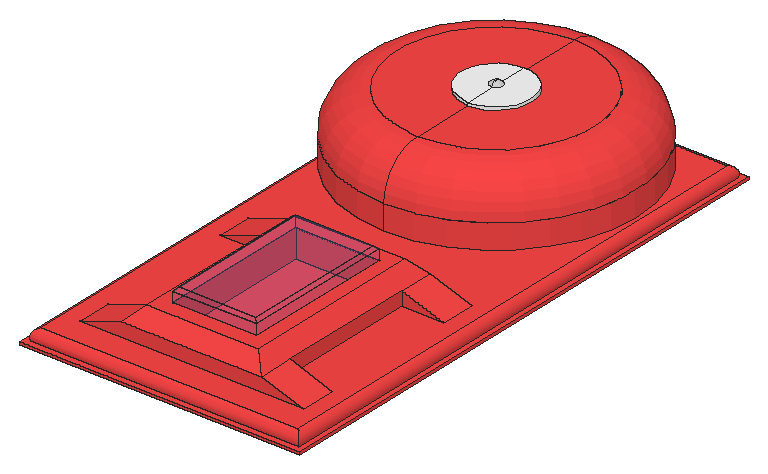
Revit family "291 BFS-BEL-DSD-ME-Flash(LOD400)", category Fire Alarm Devices, host Face, Revit 2018
Family settings
  Host = Face
  Maintain Annotation Orientation = No
  Round Connector Dimension = Use Diameter
  Part Type = Normal
  OmniClass Number = 23.29.31.15.11
  OmniClass Title = Audible Fire Notification Devices Bell
  Cut with Voids When Loaded = No
  Shared = No
  Room Calculation Point = No
Parameters
  r/2 = Diameter / 2  # 100 mm
  Depth = 72.5 mm
  Default Elevation = 0 mm
  DSD.Com.Material = ""
  DSD.Com.Installed Date [instance] = ""
  DSD.Com.Commission Date [instance] = ""
  DSD.Com.CAT Code = ""
  DSD.Com.Asset Code [instance] = ""
  DSD.BFS.Wireless_Optical Zone Tag ID [instance] = ""
  DSD.BFS.Wireless_Optical Tag ID [instance] = ""
  DSD.BFS.Width = 0 mm
  DSD.BFS.Weight = ""
  DSD.BFS.Usage Unit = ""
  DSD.BFS.Unit Number [instance] = ""
  DSD.BFS.System Code [instance] = ""
  DSD.BFS.Supplier Name = ""
  DSD.BFS.Supplier Contact = ""
  DSD.BFS.Site ID = ""
  DSD.BFS.Serial Number [instance] = ""
  DSD.BFS.Remark [instance] = ""
  DSD.BFS.Priority = ""
  DSD.BFS.Place of Origin = ""
  DSD.BFS.Original Price Amount Currency = ""
  DSD.BFS.Original Price Amount [instance] = ""
  DSD.BFS.Model = ""
  DSD.BFS.Manufacturer Name = ""
  DSD.BFS.Manufacturer Contact = ""
  DSD.BFS.Manufactured Date [instance] = ""
  DSD.BFS.Maintenance Usage Threshold = ""
  DSD.BFS.Length = 0 mm
  DSD.BFS.Is Parent Entity = ""
  DSD.BFS.Height = 0 mm
  DSD.BFS.File Number [instance] = ""
  DSD.BFS.Expected Life Time = ""
  DSD.BFS.Equipment Type = ""
  DSD.BFS.Equipment Number [instance] = ""
  DSD.BFS.Equipment Name English = ""
  DSD.BFS.Equipment Name Chinese = ""
  DSD.BFS.Elevation Type = ""
  DSD.BFS.Elevation [instance] = ""
  DSD.BFS.District Code = ""
  DSD.BFS.DLP End Date [instance] = ""
  DSD.BFS.Criticality = ""
  DSD.BFS.Brand Name = ""
  DSD.BFS.Address = ""
  Diameter = 200 mm
  Glass_128255128 = GF_Glass_076-076-250
  White_255255255 = ME_White_255-255-255
  Silver_200200200 = ME_Silver_200-200-200
  Red_255000000 = ME_Red_255-000-000
  2D Symbol_DI_Visible [instance] = yes
  2D Symbol_DI_Scale [instance] = DI_BFS_BEL : 1 to 50
  2D Symbol_DI_Offset Y [instance] = 0 mm
  2D Symbol_DI_Offset X [instance] = 0 mm
  2D Symbol_DI_Angle [instance] = 90.00°
  2D Symbol_Anno_Visible [instance] = yes
  2D Symbol_Anno_Offset Y [instance] = 0 mm
  2D Symbol_Anno_Offset X [instance] = 0 mm
  2D Symbol_Anno_Angle [instance] = 90.00°
Reference planes
  plane 1 "Center (Front/Back)": y = 0
  plane 2: z = 0
  plane 3 "Center (Left/Right)": x = 0
  plane 4: z = 72.5
  plane 5: z = 67.5
  plane 6: z = 20
  plane 7: y = 44
  plane 8: y = -31
  plane 9: y = 69
  plane 10: z = 10
  plane 11: z = 30
  plane 12: z = 39.985
Forms (mm)
  Extrusion 1, solid, material "ME_White_255-255-255" <- "White_255255255", detail levels fine
    sketch origin (0, 0, 0) x (1, 0, 0) y (0, 1, 0)
      loop
        line (-39, 0) -> (39, 0)
        arc (39, 0) -> (42.536, 1.464) -> (44, 5) r 5
        line (44, 5) -> (44, 83)
        arc (44, 83) -> (42.536, 86.536) -> (39, 88) r 5
        line (39, 88) -> (-39, 88)
        arc (-39, 88) -> (-42.536, 86.536) -> (-44, 83) r 5
        line (-44, 83) -> (-44, 5)
        arc (-44, 5) -> (-42.536, 1.464) -> (-39, 0) r 5
    from 0 to 20
  Revolve 2, solid, material "ME_Red_255-000-000" <- "Red_255000000", detail levels fine
    sketch origin (0, 0, 0) x (0, 1, 0) y (0, 0, 1)
      loop
        arc (-1, 67.5) -> (-22.213, 58.713) -> (-31, 37.5) r 30
        line (-31, 37.5) -> (-31, 20) -> (69, 20) -> (69, 67.5) -> (-1, 67.5)
      axis (69, 67.5) -> (69, 20)
    angle from 0 to 360
  Revolve 3, solid, material "ME_White_255-255-255" <- "White_255255255", detail levels fine
    sketch origin (0, 0, 0) x (0, 1, 0) y (0, 0, 1)
      loop
        line (44, 67.5) -> (69, 67.5) -> (69, 69.5) -> (44, 69.5) -> (44, 67.5)
      axis (69, 69.5) -> (69, 67.5)
    angle from 0 to 360
  Revolve 4, solid, material "ME_Silver_200-200-200" <- "Silver_200200200", detail levels fine
    sketch origin (0, 0, 0) x (0, 1, 0) y (0, 0, 1)
      loop
        line (67.293, 70.5) -> (69, 69.5) -> (69, 72.5)
        arc (69, 72.5) -> (66.668, 71.98) -> (64.793, 70.5) r 5.367
        line (64.793, 70.5) -> (67.293, 70.5)
      axis (69, 72.5) -> (69, 69.5)
    angle from 0 to 360
  Extrusion 5, solid, material "ME_Red_255-000-000" <- "Red_255000000", detail levels fine
    sketch origin (0, 75, 0) x (1, 0, 0) y (0, 1, 0)
      loop
        line (-100, 94) -> (-100, -306) -> (100, -306) -> (100, 94) -> (-100, 94)
    from 0 to 10
  Sweep 6, void
    path origin (0, 0, 0) x (1, 0, 0) y (0, 1, 0)
      loop
        line (-100, 169) -> (-100, -231) -> (100, -231) -> (100, 169) -> (-100, 169)
    profile origin (-100, -31, 0) x (1, 0, 0) y (0, 0, 1)
      loop
        line (0, 10) -> (0, 6) -> (0, 2) -> (4, 2)
        arc (4, 2) -> (4.343, 6.828) -> (8, 10) r 6.325
        line (8, 10) -> (0, 10)
  Extrusion 7, solid, material "ME_Red_255-000-000" <- "Red_255000000", detail levels fine
    sketch origin (0, 0, 0) x (1, 0, 0) y (0, 1, 0)
      loop
        line (-50, -52.719) -> (-50, -202.719) -> (50, -202.719) -> (50, -52.719) -> (-50, -52.719)
    from 10 to 30
  Extrusion 8, solid, material "ME_Red_255-000-000" <- "Red_255000000", detail levels fine
    sketch origin (-90, 0, 0) x (1, 0, 0) y (0, 1, 0)
      loop
        line (10, -52.719) -> (10, -77.719) -> (170, -77.719) -> (170, -52.719) -> (10, -52.719)
      loop
        line (10, -177.719) -> (10, -202.719) -> (170, -202.719) -> (170, -177.719) -> (10, -177.719)
    from 10 to 20
  Extrusion 9, void
    sketch origin (0, 0, 0) x (1, 0, 0) y (0, 0, 1)
      loop
        line (-80, 20) -> (-80, 10) -> (-50, 20) -> (-80, 20)
      loop
        line (80, 10) -> (80, 20) -> (50, 20) -> (80, 10)
    from 52.719 to 202.719
  Sweep 10, void
    path origin (0, 0, 0) x (1, 0, 0) y (0, 1, 0)
      loop
        line (-50, -52.719) -> (-50, -202.719) -> (50, -202.719) -> (50, -52.719) -> (-50, -52.719)
    profile origin (-50, -127.719, 0) x (1, 0, 0) y (0, 0, 1)
      loop
        line (0, 20) -> (10, 30) -> (0, 30) -> (0, 20)
  Extrusion 11, void
    sketch origin (0, 0, 0) x (1, 0, 0) y (0, 1, 0)
      loop
        line (-30, -72.719) -> (-30, -182.719) -> (30, -182.719) -> (30, -72.719) -> (-30, -72.719)
    from 10 to 30
  Extrusion 12, solid, material "GF_Glass_076-076-250" <- "Glass_128255128", detail levels fine
    sketch origin (0, 0, 0) x (1, 0, 0) y (0, 1, 0)
      loop
        line (-30, -72.719) -> (-30, -182.719) -> (30, -182.719) -> (30, -72.719) -> (-30, -72.719)
    from 30 to 39.985
  Sweep 13, void
    path in 3D
      loop
        line (-30, -182.719, 37.535) -> (30, -182.719, 37.535) -> (30, -72.719, 37.535) -> (-30, -72.719, 37.535) -> (-30, -182.719, 37.535)
    profile origin (-30, -127.719, 37.535) x (1, 0, 0) y (0, 0, 1)
      loop
        line (0, 0) -> (2.45, 2.45) -> (0, 2.45) -> (0, 0)
Cuts and joins
  Sweep 6, Extrusion 11 cuts Extrusion 5
  Extrusion 9, Sweep 10, Extrusion 11 cuts Extrusion 7
  Extrusion 9, Sweep 10, Extrusion 11 cuts Extrusion 8
  joined: Extrusion 7, Extrusion 8
  Extrusion 9 cuts Revolve 2
  Sweep 13 cuts Extrusion 12
Lines and regions (mm)
  sketch lines
    curve 1: line (-30, -72.719, 37.535) -> (-30, -182.719, 37.535)
    curve 2: line (30, -72.719, 37.535) -> (-30, -72.719, 37.535)
    curve 3: line (30, -182.719, 37.535) -> (30, -72.719, 37.535)
    curve 4: line (-30, -182.719, 37.535) -> (30, -182.719, 37.535)
Dimensions and locks
  "Depth": plane 4 to plane 2
  locked: plane 6 to plane 2 at 20
  locked: Extrusion 1 sketch curve to Extrusion 1 sketch curve at 88  (x2)
  "r/2": plane 8 to Revolve 2 sketch curve
  locked: plane 8 to plane 7 at 75
  locked: plane 4 to plane 5 at 5
  "r/2": plane 8 to plane 9
  locked: Revolve 3 sketch curve to Revolve 3 sketch curve at 25
  locked: Revolve 4 sketch curve to Revolve 4 sketch curve at 4.207
  locked: Revolve 4 sketch curve to Revolve 4 sketch curve at 1.707
  locked: Extrusion 8 sketch curve to Extrusion 8 sketch curve at 25  (x2)
  locked: Extrusion 8 sketch curve to Extrusion 8 sketch curve at 160
  "2D Symbol_Anno_Angle": angle plane 8 to nested 1
  "2D Symbol_DI_Angle": angle plane 2 to nested 2
  aligned and locked: plane 2 to host face
  aligned and locked: level to host face
  aligned and locked: plane 6 to Extrusion 1
  aligned and locked: plane 1 "Center (Front/Back)" to Extrusion 1 sketch curve
  aligned and locked: Revolve 2 sketch curve to plane 5
  aligned and locked: Revolve 2 sketch curve to plane 6
  aligned and locked: plane 8 to Revolve 2 sketch curve
  aligned and locked: Revolve 2 sketch curve to Revolve 2 sketch curve
  aligned and locked: Revolve 3 sketch curve to plane 5
  aligned and locked: Revolve 3 sketch curve to Revolve 3 sketch curve
  aligned and locked: Revolve 3 sketch curve to plane 9
  aligned and locked: Revolve 4 sketch curve to plane 9
  aligned and locked: plane 9 to Revolve 4 sketch curve
  aligned and locked: Extrusion 1 to plane 2
  aligned and locked: Extrusion 5 to plane 10
  aligned and locked: Sweep 6 sketch curve to Extrusion 5  (x4)
  aligned and locked: plane 11 to Extrusion 7
  aligned and locked: Extrusion 8 sketch curve to Extrusion 7  (x2)
  aligned and locked: Extrusion 8 to plane 10
  aligned and locked: plane 6 to Extrusion 8
  aligned and locked: Extrusion 7 to plane 10
  aligned and locked: Extrusion 9 sketch curve to cut or joined group of Extrusion 7, Extrusion 8, Extrusion 9, Sweep 10, Extrusion 11  (x2)
  aligned and locked: Revolve 2 to Extrusion 9 sketch curve
  aligned and locked: Extrusion 9 sketch curve to plane 6
  aligned and locked: Extrusion 9 to cut or joined group of Extrusion 7, Extrusion 8, Extrusion 9, Sweep 10, Extrusion 11  (x2)
  aligned and locked: Sweep 10 sketch curve to cut or joined group of Extrusion 7, Extrusion 8, Extrusion 9, Sweep 10, Extrusion 11  (x3)
  aligned and locked: cut or joined group of Extrusion 7, Extrusion 8, Extrusion 9, Sweep 10, Extrusion 11 to Sweep 10 sketch curve  (x2)
  aligned and locked: Sweep 10 sketch curve to plane 11
  aligned and locked: plane 11 to Extrusion 11
  aligned and locked: Extrusion 11 to Extrusion 5
  aligned and locked: Extrusion 12 sketch curve to cut or joined group of Extrusion 7, Extrusion 8, Extrusion 9, Sweep 10, Extrusion 11  (x4)
  aligned and locked: Extrusion 12 to plane 11
  aligned and locked: plane 12 to Extrusion 12
Automatic sketch dimensions
  host sketch curve to host sketch curve = 2438.4 mm  (x2)
  plane 1 "Center (Front/Back)" to Revolve 2 sketch curve = 1 mm
  Revolve 2 sketch curve to level = 44 mm
  plane 4 to Revolve 2 sketch curve = 27 mm
  plane 9 to Extrusion 1 sketch curve = 14 mm
  Extrusion 1 sketch curve to plane 3 "Center (Left/Right)" = 44 mm
  Extrusion 1 sketch curve to plane 1 "Center (Front/Back)" = 5 mm
  Extrusion 1 sketch curve to Extrusion 1 sketch curve = 5 mm  (x2)
  Revolve 3 sketch curve to Revolve 3 sketch curve = 2 mm
  plane 11 to Revolve 3 sketch curve = 2.443 mm
  plane 4 to Revolve 3 sketch curve = 20 mm
  Revolve 4 sketch curve to plane 4 = 0 mm
  Revolve 4 sketch curve to plane 9 = 0.028 mm
  Revolve 4 sketch curve to plane 4 = 2 mm
  Revolve 4 sketch curve to Revolve 4 sketch curve = 1 mm
  Revolve 4 sketch curve to Revolve 4 sketch curve = 2.764 mm
  Revolve 4 sketch curve to Revolve 4 sketch curve = 5.792 mm
  Extrusion 5 sketch curve to plane 3 "Center (Left/Right)" = 100 mm
  plane 3 "Center (Left/Right)" to Extrusion 5 sketch curve = 100 mm
  Extrusion 5 sketch curve to plane 8 = 200 mm
  plane 9 to Extrusion 5 sketch curve = 100 mm
  profile plane to Sweep 6 sketch curve = 0 mm
  level to Sweep 6 sketch curve = 2 mm
  Sweep 6 sketch curve to profile plane = 4 mm
  Sweep 6 sketch curve to profile plane = 8 mm
  Sweep 6 sketch curve to Sweep 6 sketch curve = 6 mm
  level to Sweep 6 sketch curve = 4 mm
  Sweep 6 sketch curve to Sweep 6 sketch curve = 4 mm
  Extrusion 7 sketch curve to plane 3 "Center (Left/Right)" = 50 mm
  plane 3 "Center (Left/Right)" to Extrusion 7 sketch curve = 50 mm
  Extrusion 7 sketch curve to plane 8 = 171.719 mm
  Extrusion 7 sketch curve to plane 8 = 21.719 mm
  Extrusion 8 sketch curve to plane 3 "Center (Left/Right)" = 80 mm  (x2)
  plane 3 "Center (Left/Right)" to Extrusion 8 sketch curve = 80 mm
  Extrusion 9 sketch curve to plane 10 = 0 mm  (x2)
  Extrusion 9 sketch curve to Extrusion 9 sketch curve = 30 mm  (x2)
  profile plane to Sweep 10 sketch curve = 0 mm
  Sweep 10 sketch curve to profile plane = 10 mm
  Extrusion 11 sketch curve to plane 3 "Center (Left/Right)" = 30 mm
  plane 3 "Center (Left/Right)" to Extrusion 11 sketch curve = 30 mm
  Extrusion 11 sketch curve to plane 8 = 151.719 mm
  Extrusion 11 sketch curve to plane 8 = 41.719 mm
  profile plane to Sweep 13 sketch curve = 0 mm
  Sweep 13 sketch curve to profile plane = 0 mm
  Sweep 13 sketch curve to profile plane = 2.45 mm
  profile plane to Sweep 13 sketch curve = 2.45 mm
Nested families
  nested 1: "Anno_BFS_BEL" at (0, -31, 0), Offset  X <- "2D Symbol_Anno_Offset X", Offset Y <- "2D Symbol_Anno_Offset Y", visible <- "2D Symbol_Anno_Visible", type "BFS_BEL", detail levels coarse+medium
    with Offset Y 0 mm, Offset  X 0 mm, Annotation W 200 mm, Annotation H 200 mm, 2D Annotation none
  nested 2: "DI_BFS_BEL" at (0, 0, 0) x (-1, 0, 0) z (0, -1, 0), Offset X <- "2D Symbol_DI_Offset X", Offset Y <- "2D Symbol_DI_Offset Y", visible <- "2D Symbol_DI_Visible", type <- "2D Symbol_DI_Scale", type "1 to 50", detail levels coarse+medium
    with Offset Y 0 mm, Offset X 0 mm, Detail Item W 10000 mm, Detail Item H 10000 mm, 2W 20000 mm, 2H 20000 mm
Connectors
  electrical at (0, 44, 0)
    settings: on Extrusion 1, index 1, voltage 0 V, apparent load 0 VA, apparent load phase1 0 VA, apparent load phase2 0 VA, apparent load phase3 0 VA, power factor 1, load classification "Other", number of poles 1, system type 11, power factor state 1, is connector primary yes, connector utility no, sub classification motor no, connector description ""
Definition of nested family "Anno_BFS_BEL"
  Parameters (values of type "1 To 1")
    Offset Y [instance] = 0 mm
    Offset  X [instance] = 0 mm
    Annotation W [instance] = 200 mm + Offset  X  # 200 mm
    Annotation H [instance] = 200 mm + Offset Y  # 200 mm
    2D Annotation [instance] = 291_2D_Symbol_Annotation : 1 to 1
  Reference planes
    plane 1: y = 0
    plane 2: x = 0
  Lines and regions (mm)
    reference lines
      curve 1: line (-200, -141.949, 0) -> (-200, 53.051, 0)
      curve 2: line (-184.39, -200, 0) -> (165.61, -200, 0)
  Dimensions and locks
    "Annotation W": curve 1 to nested 1
    "Annotation H": curve 2 to nested 1
  Automatic sketch dimensions
    curve 1 to plane 1 = 53.051 mm
    curve 1 to plane 2 = 200 mm
    curve 1 to curve 2 = 15.61 mm
    plane 2 to curve 2 = 165.61 mm
    plane 1 to curve 1 = 141.949 mm
    curve 2 to curve 1 = 58.051 mm
  Nested families
    nested 1: "291_2D_Symbol_Annotation" at (0, 0, 0), type <- "2D Annotation", type "1 to 1"
  Definition of nested family "291_2D_Symbol_Annotation"
    Reference planes
      plane 1: y = 0
      plane 2: x = 0
    Lines and regions (mm)
      detail lines
        curve 1: line (2, 0, 0) -> (2, 4, 0)
        curve 2: line (2, 4, 0) -> (-2, 4, 0)
        curve 3: line (-2, 4, 0) -> (-2, 0, 0)
        curve 4: line (-1.25, 3.25, 0) -> (-1.25, 0.75, 0)
        curve 5: line (1.25, 3.25, 0) -> (-1.25, 3.25, 0)
        curve 6: line (1.25, 0.75, 0) -> (1.25, 3.25, 0)
        curve 7: line (-1.25, 0.75, 0) -> (1.25, 0.75, 0)
        curve 8: line (-2, 0, 0) -> (2, 0, 0)
        curve 9: circle (0, 5.5, 0) r 1.5 normal (0, 0, 1)
Definition of nested family "DI_BFS_BEL"
  Parameters (values of type "1 to 50")
    Offset Y [instance] = 0 mm
    Offset X [instance] = 0 mm
    Detail Item W [instance] = 10000 mm + Offset X  # 10000 mm
    Detail Item H [instance] = 10000 mm + Offset Y  # 10000 mm
    2W [instance] = Detail Item W * 2  # 20000 mm
    2H [instance] = Detail Item H * 2  # 20000 mm
    2D Detail Item = 291_2D_Symbol_Detail Item : 1 To 50
  Types (3, lengths in mm): name | 2D Detail Item
    1 to 200 | 291_2D_Symbol_Detail Item : 1 To 200
    1 to 100 | 291_2D_Symbol_Detail Item : 1 To 100
    1 to 50 | 291_2D_Symbol_Detail Item : 1 To 50
  Reference planes
    plane 1 "Center (Front/Back)": y = 0
    plane 2: z = 0
    plane 3 "Center (Left/Right)": x = 0
    plane 4: y = -10000
    plane 5: x = -10000
    plane 6: x = 10000
    plane 7: y = 10000
  Dimensions and locks
    "Detail Item H": plane 4 to nested 1
    "Detail Item W": plane 5 to nested 1
  Nested families
    nested 1: "291_2D_Symbol_Detail Item" at (0, 0, 0), type <- "2D Detail Item", type "1 To 50", in view "Ref. Level"
  Definition of nested family "291_2D_Symbol_Detail Item"
    Parameters (values of type "1 To 100")
      1 To 50 = no
      1 To 200 = no
      1 To 100 = yes
    Types (3, lengths in mm): name | 1 To 50 | 1 To 200 | 1 To 100
      1 To 50 | yes | no | no
      1 To 100 | no | no | yes
      1 To 200 | no | yes | no
    Reference planes
      plane 1 "Center (Front/Back)": y = 0
      plane 2: z = 0
      plane 3 "Center (Left/Right)": x = 0
    Lines and regions (mm)
      detail lines, in view "Ref. Level", visible <- "1 To 100", detail levels coarse+medium
        curve 1: circle (0, 550, 0) r 150 normal (0, 0, 1)
        curve 2: line (200, 400, 0) -> (-200, 400, 0)
        curve 3: line (-200, 400, 0) -> (-200, 0, 0)
        curve 4: line (-125, 325, 0) -> (-125, 75, 0)
        curve 5: line (125, 325, 0) -> (-125, 325, 0)
        curve 6: line (-125, 75, 0) -> (125, 75, 0)
        curve 7: line (125, 75, 0) -> (125, 325, 0)
        curve 8: line (-200, 0, 0) -> (200, 0, 0)
        curve 27: line (200, 400, 0) -> (200, 0, 0)
      detail lines, in view "Ref. Level", visible <- "1 To 200", detail levels coarse+medium
        curve 9: circle (0, 1100, 0) r 300 normal (0, 0, 1)
        curve 10: line (400, 800, 0) -> (-400, 800, 0)
        curve 11: line (400, 0, 0) -> (400, 800, 0)
        curve 12: line (250, 150, 0) -> (250, 650, 0)
        curve 13: line (250, 650, 0) -> (-250, 650, 0)
        curve 14: line (-250, 650, 0) -> (-250, 150, 0)
        curve 15: line (-250, 150, 0) -> (250, 150, 0)
        curve 16: line (-400, 800, 0) -> (-400, 0, 0)
        curve 17: line (-400, 0, 0) -> (400, 0, 0)
      detail lines, in view "Ref. Level", visible <- "1 To 50", detail levels coarse+medium
        curve 18: circle (0, 275, 0) r 75 normal (0, 0, 1)
        curve 19: line (100, 200, 0) -> (-100, 200, 0)
        curve 20: line (-100, 200, 0) -> (-100, 0, 0)
        curve 21: line (-62.5, 162.5, 0) -> (-62.5, 37.5, 0)
        curve 22: line (62.5, 162.5, 0) -> (-62.5, 162.5, 0)
        curve 23: line (-62.5, 37.5, 0) -> (62.5, 37.5, 0)
        curve 24: line (62.5, 37.5, 0) -> (62.5, 162.5, 0)
        curve 25: line (100, 0, 0) -> (100, 200, 0)
        curve 26: line (-100, 0, 0) -> (100, 0, 0)
